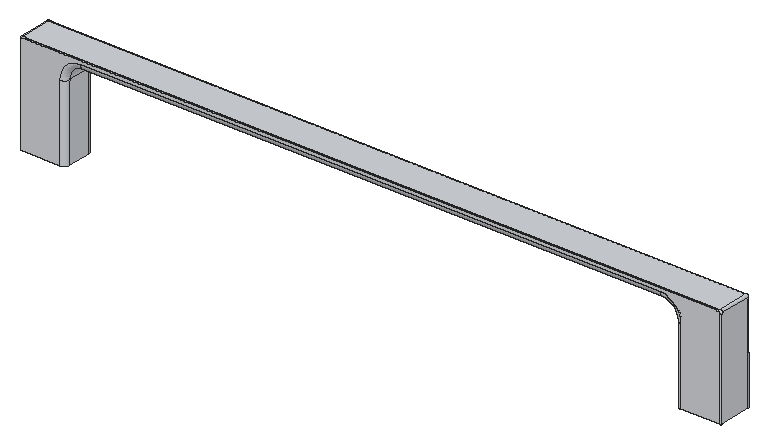
Revit family "Accessory-Towel_Bar-KOHLER-Strayt-K-98419M", category Specialty Equipment, host Face, Revit 2015
Parameters (values of type "CP-Polished Chrome")
  Width = 2.79528"  # constant formula
  WaterSense Certified = 1 = 0  # no
  URL = "https://la.kohler.com/es?country=MX"
  Product Page URL = "https://la.kohler.com/en/product-detail/98419m?skuid=K-98419M-CP"
  Product Name = "Strayt"  # constant formula
  Product Documentation Link = "http://resources.kohler.com/plumbing/kohlerla/pdf/ri_98419t.pdf"
  Model = "K-98419M-CP"  # constant formula
  Material = "Premium Metal Construction"  # constant formula
  MasterFormat 2004 = "10.28.13"  # constant formula
  MasterFormat 1995 = "10820"  # constant formula
  Manufacturer Address = "444 Highland Dr, Kohler, WI 53044"  # constant formula
  Manufacturer = "KOHLER Co."  # constant formula
  Length = 19.25984"  # constant formula
  Height = 0.94488"  # constant formula
  Finish = Kohler-Metal-CP-Polished_Chrome
  Environmental Product Declaration = ""
  Description = "18 inch Towel Bar"  # constant formula
  Default Elevation = 42"
  Declare Label = ""
  Date Modified = "08/01/2019"  # constant formula
  Date Created = "08/01/2019"  # constant formula
  Copyright = "Copyright KOHLER Co."  # constant formula
  Contact Us = "https://la.kohler.com/es/contact-us-page"
  Assembly Code = "C1030200"
  ADA Compliant = 1 = 0  # no
Reference planes (in)
  plane 1 "Center (Front/Back)": y = 0
  plane 2: z = 0
  plane 3 "Center (Left/Right)": x = 0
  plane 4: y = 0.47244
  plane 5: y = -0.47244
  plane 6: x = 9.62992
  plane 7: x = -9.62992
  plane 8: x = -8.37008
  plane 9: x = 8.37008
  plane 10: x = 9
  plane 11: x = -9
  plane 12: x = 9.35433
  plane 13: x = 8.64567
  plane 14: x = -9.35433
  plane 15: x = -8.64567
  plane 16: z = 2.79528
Dimensions and locks (in)
  plane 10 to plane 11 = 18"
  "Length": plane 6 to plane 7
  "Width": level to plane 16
  plane 6 to plane 9 = 1.25984"
  plane 14 to plane 15 = 0.70866"
  "Height": plane 4 to plane 5
  aligned and locked: plane 2 to host face
  aligned and locked: level to host face
Automatic sketch dimensions
  host sketch curve to host sketch curve = 96"  (x2)
Nested families (in)
  nested 1: "K-98419M" at (0, 0, 0), type "K-98419M"
Definition of nested family "K-98419M"
  Parameters (values of type "K-98419M")
    Material = none
  Reference planes (in)
    plane 1 "Center (Front/Back)": y = 0
    plane 2: z = 0
    plane 3 "Center (Left/Right)": x = 0
    plane 4: y = 0.47244
    plane 5: y = -0.47244
    plane 6: x = -9
    plane 7: x = 9
    plane 8: x = -9.62992
    plane 9: x = -8.37008
    plane 10: x = 9.62992
    plane 11: x = 8.37008
    plane 12: z = 2.79528
    plane 13: x = 9.35433
    plane 14: x = 8.64567
    plane 15: x = -9.35433
    plane 16: x = -8.64567
  Forms (in)
    Extrusion 1, solid, material <- "Material", detail levels medium+fine
      sketch origin (0, 0, 0) x (1, 0, 0) y (0, 0, 1)
        loop
          line (-8.55512, 0) -> (-8.55512, 2.1063)
          arc (-8.55512, 2.1063) -> (-8.37984, 2.52945) -> (-7.95669, 2.70472) r 0.59843
          line (-7.95669, 2.70472) -> (7.95669, 2.70472)
          arc (7.95669, 2.70472) -> (8.37984, 2.52945) -> (8.55512, 2.1063) r 0.59843
          line (8.55512, 2.1063) -> (8.55512, 0) -> (9.58268, 0) -> (9.58268, 2.72835)
          arc (9.58268, 2.72835) -> (9.57691, 2.74227) -> (9.56299, 2.74803) r 0.01969
          line (9.56299, 2.74803) -> (-9.56299, 2.74803)
          arc (-9.56299, 2.74803) -> (-9.57691, 2.74227) -> (-9.58268, 2.72835) r 0.01969
          line (-9.58268, 2.72835) -> (-9.58268, 0) -> (-8.55512, 0)
      from -0.47244 to 0.47244
    Sweep 2, solid, material <- "Material", detail levels medium+fine
      path origin (0, 0, 0) x (1, 0, 0) y (0, 0, 1)
        loop
          line (-8.58661, 0) -> (-8.58661, 2.1063)
          arc (-8.58661, 2.1063) -> (-8.40211, 2.55172) -> (-7.95669, 2.73622) r 0.62992
          line (-7.95669, 2.73622) -> (7.95669, 2.73622)
          arc (7.95669, 2.73622) -> (8.40211, 2.55172) -> (8.58661, 2.1063) r 0.62992
          line (8.58661, 2.1063) -> (8.58661, 0)
      profile origin (-8.58661, 0, 1.05315) x (-1, 0, 0) y (0, -1, 0)
        loop
          line (-0.0315, 0.47244) -> (-0.06299, 0.47244)
          arc (-0.06299, 0.47244) -> (-0.17156, 0.42747) -> (-0.21654, 0.3189) r 0.15354
          line (-0.21654, 0.3189) -> (-0.21654, -0.3189)
          arc (-0.21654, -0.3189) -> (-0.17156, -0.42747) -> (-0.06299, -0.47244) r 0.15354
          line (-0.06299, -0.47244) -> (-0.0315, -0.47244) -> (-0.0315, 0.47244)
    Sweep 3, solid, material <- "Material", detail levels medium+fine
      path origin (0, 0, 0) x (1, 0, 0) y (0, 0, 1)
        loop
          line (9.60236, 0) -> (9.60236, 2.72835)
          arc (9.60236, 2.72835) -> (9.59083, 2.75619) -> (9.56299, 2.76772) r 0.03937
          line (9.56299, 2.76772) -> (-9.56299, 2.76772)
          arc (-9.56299, 2.76772) -> (-9.59083, 2.75619) -> (-9.60236, 2.72835) r 0.03937
          line (-9.60236, 2.72835) -> (-9.60236, 0)
      profile origin (-9.60236, 0, 1.36417) x (0, -1, 0) y (1, 0, 0)
        loop
          line (0.47244, 0.0315) -> (-0.47244, 0.0315) -> (-0.47244, 0)
          arc (-0.47244, 0) -> (-0.46437, -0.01949) -> (-0.44488, -0.02756) r 0.02756
          line (-0.44488, -0.02756) -> (0.44488, -0.02756)
          arc (0.44488, -0.02756) -> (0.46437, -0.01949) -> (0.47244, 0) r 0.02756
          line (0.47244, 0) -> (0.47244, 0.0315)
    Extrusion 4, solid, material <- "Material", detail levels coarse
      sketch origin (0, 0, 0) x (1, 0, 0) y (0, 0, 1)
        loop
          line (-8.37008, 0) -> (-8.37008, 2.10656)
          arc (-8.37008, 2.10656) -> (-8.249, 2.39887) -> (-7.95669, 2.51995) r 0.41339
          line (-7.95669, 2.51995) -> (7.95669, 2.51995)
          arc (7.95669, 2.51995) -> (8.249, 2.39887) -> (8.37008, 2.10656) r 0.41339
          line (8.37008, 2.10656) -> (8.37008, 0) -> (9.62992, 0) -> (9.62992, 2.79528) -> (-9.62992, 2.79528) -> (-9.62992, 0) -> (-8.37008, 0)
      from -0.47244 to 0.47244
  Cuts and joins
    joined: Extrusion 1, Sweep 2, Sweep 3
  Lines and regions (in)
    Masking region 1
      outline origin (0, 0, 0) x (1, 0, 0) y (0, 1, 0)
        loop
          line (-9.62992, 0.44488) -> (-9.62992, -0.44488)
          arc (-9.62992, -0.44488) -> (-9.62185, -0.46437) -> (-9.60236, -0.47244) r 0.02756
          line (-9.60236, -0.47244) -> (9.60236, -0.47244)
          arc (9.60236, -0.47244) -> (9.62185, -0.46437) -> (9.62992, -0.44488) r 0.02756
          line (9.62992, -0.44488) -> (9.62992, 0.44488)
          arc (9.62992, 0.44488) -> (9.62185, 0.46437) -> (9.60236, 0.47244) r 0.02756
          line (9.60236, 0.47244) -> (-9.60236, 0.47244)
          arc (-9.60236, 0.47244) -> (-9.62185, 0.46437) -> (-9.62992, 0.44488) r 0.02756
    Masking region 2
      outline origin (0, 0, 0) x (1, 0, 0) y (0, 0, 1)
        loop
          line (9.62992, 0) -> (9.62992, 2.73228)
          arc (9.62992, 2.73228) -> (9.61147, 2.77683) -> (9.56693, 2.79528) r 0.06299
          line (9.56693, 2.79528) -> (-9.56693, 2.79528)
          arc (-9.56693, 2.79528) -> (-9.61147, 2.77683) -> (-9.62992, 2.73228) r 0.06299
          line (-9.62992, 2.73228) -> (-9.62992, 0) -> (-8.37008, 0) -> (-8.37008, 2.10656)
          arc (-8.37008, 2.10656) -> (-8.249, 2.39887) -> (-7.95669, 2.51995) r 0.41339
          line (-7.95669, 2.51995) -> (7.95669, 2.51995)
          arc (7.95669, 2.51995) -> (8.249, 2.39887) -> (8.37008, 2.10656) r 0.41339
          line (8.37008, 2.10656) -> (8.37008, 0) -> (9.62992, 0)
    Masking region 3
      outline origin (0, 0, 0) x (0, 1, 0) y (0, 0, 1)
        loop
          line (0.47244, 0) -> (0.47244, 2.76772)
          arc (0.47244, 2.76772) -> (0.46437, 2.7872) -> (0.44488, 2.79528) r 0.02756
          line (0.44488, 2.79528) -> (-0.44488, 2.79528)
          arc (-0.44488, 2.79528) -> (-0.46437, 2.7872) -> (-0.47244, 2.76772) r 0.02756
          line (-0.47244, 2.76772) -> (-0.47244, 0) -> (0.47244, 0)
    symbolic lines, detail levels medium+fine
      curve 1: line (-9.60236, 0.44488, 0) -> (-9.60236, -0.44488, 0)
      curve 2: line (-9.60236, -0.44488, 0) -> (9.60236, -0.44488, 0)
      curve 3: line (9.60236, -0.44488, 0) -> (9.60236, 0.44488, 0)
      curve 4: line (9.60236, 0.44488, 0) -> (-9.60236, 0.44488, 0)
      curve 5: line (9.60236, 0, 0) -> (9.60236, 0, 2.72835)
      curve 6: arc (9.60236, 0, 2.72835) -> (9.59083, 0, 2.75619) -> (9.56299, 0, 2.76772) r 0.03937
      curve 7: line (9.56299, 0, 2.76772) -> (-9.56299, 0, 2.76772)
      curve 8: line (-7.95669, 0, 2.6853) -> (7.95669, 0, 2.6853)
      curve 9: line (8.53543, 0, 2.10656) -> (8.53543, 0, 0)
      curve 10: line (8.53543, 0, 0) -> (9.60236, 0, 0)
      curve 11: arc (7.95669, 0, 2.6853) -> (8.36592, 0, 2.51579) -> (8.53543, 0, 2.10656) r 0.57874
      curve 12: line (0, 0.44488, 0) -> (0, 0.44488, 2.76772)
      curve 13: line (0, 0.44488, 2.76772) -> (0, -0.44488, 2.76772)
      curve 14: line (0, -0.44488, 2.76772) -> (0, -0.44488, 0)
      curve 15: line (-7.8189, 0.47244, 0) -> (-7.8189, -0.47244, 0)
      curve 16: line (7.8189, 0.47244, 0) -> (7.8189, -0.47244, 0)
      curve 17: line (7.8189, 0, 2.79528) -> (7.8189, 0, 2.51995)
      curve 18: line (-9.60236, 0, 0) -> (-9.60236, 0, 2.72835)
      curve 19: arc (-9.60236, 0, 2.72835) -> (-9.59083, 0, 2.75619) -> (-9.56299, 0, 2.76772) r 0.03937
      curve 20: line (-8.53543, 0, 2.10656) -> (-8.53543, 0, 0)
      curve 21: line (-8.53543, 0, 0) -> (-9.60236, 0, 0)
      curve 22: arc (-7.95669, 0, 2.6853) -> (-8.36592, 0, 2.51579) -> (-8.53543, 0, 2.10656) r 0.57874
      curve 23: line (-7.8189, 0, 2.79528) -> (-7.8189, 0, 2.51995)
  Dimensions and locks (in)
    plane 6 to plane 7 = 18"
    plane 8 to plane 9 = 1.25984"  (x2)
    level to plane 12 = 2.79528"
    plane 7 to plane 6 = 18"  (x2)
    plane 14 to plane 13 = 0.70866"
    aligned and locked: plane 2 to level
